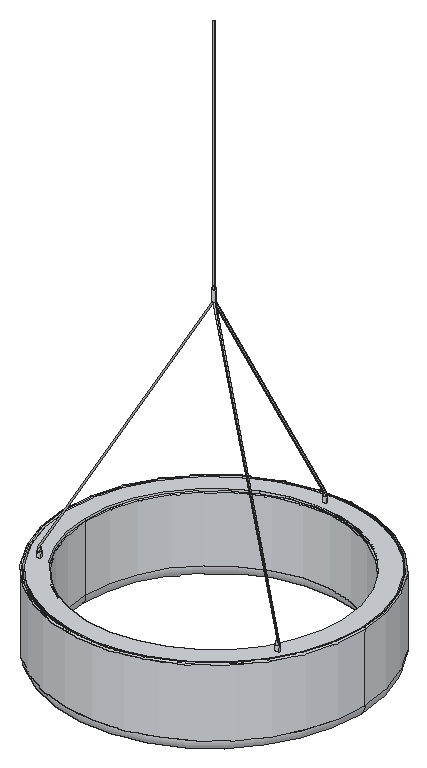
Revit family "BuzziTube Collection Revit", category Furniture, host Ceiling, Revit 2019
Family settings
  Host = Ceiling
  OmniClass Number = 23.80.70.11
  OmniClass Title = Luminaries for Internal Lighting
  Always vertical = Yes
  Cut with Voids When Loaded = No
  Shared = No
  Room Calculation Point = No
Parameters (values of type "S- Split")
  Suspension Length [instance] = 5' - 0"
  Straight [instance] = no
  Shade [instance] = none
  Frame [instance] = none
  Fixture Type = BuzziTube : S
Types (10): name | Straight | Fixture Type
  (no name) | no | BuzziTube : S
  S- Straight | yes | BuzziTube : S
  M- Split | no | BuzziTube : M
  L | yes | BuzziTube : L
  XL | yes | BuzziTube : XL
  XXL | yes | BuzziTube : XXL
  3XL | yes | BuzziTube : XXXL
  4XL | yes | BuzziTube : XXXXL
  S- Split | no | BuzziTube : S
  M- Straight | yes | BuzziTube : M
Reference planes (in)
  plane 1 "Light Source Axis (F/B)": y = 0
  plane 2 "Ceiling": z = 96
  plane 3 "Light Source Axis (L/R)": x = 0
  plane 4 "Light Source Elevation": z = 36
Dimensions and locks (in)
  equal spacing: host sketch curve, plane 3 "Light Source Axis (L/R)", host sketch curve
  equal spacing: host sketch curve, plane 1 "Light Source Axis (F/B)", host sketch curve
  host sketch curve to host sketch curve = 10' - 0"  (x2)
  "Suspension Length": plane 2 "Ceiling" to plane 4 "Light Source Elevation"
  aligned and locked: plane 2 "Ceiling" to nested 1
Nested families (in)
  nested 1: "BuzziTube" at (0, 0, 36), Suspension Length <- "Suspension Length", Shade <- "Shade", Frame <- "Frame", type <- "Fixture Type", type "S"
    with Suspension Length 5' - 0", Shade none, Frame none, Straight no, Split yes
Definition of nested family "BuzziTube"
  Parameters (values of type "L")
    Suspension Length [instance] = 7' - 6"
    Support 2 Location = (Frame Radius - 0' 1") / 2  # 0' - 11 19/128"
    Support 2 Lateral Location = 1' - 7 1/4"
    Support 1 Location = Frame Radius - 0' 1"  # 1' - 10 19/64"
    Straight = no
    Split Height = 2' - 1.62992"
    Split = not(Straight)  # yes
    Shade Height = 1' - 3 3/4"
    Shade [instance] = none
    Inside Frame Radius = Frame Radius - 0' 2"  # 1' - 9 19/64"
    Frame Radius = Shade Radius - 0' 0 39/128"  # 1' - 11 19/64"
    Frame [instance] = none
    Shade Radius = 1' - 11 77/128"
  Types (7): name | Support 2 Location | Support 2 Lateral Location | Support 1 Location | Straight | Split | Shade Height | Inside Frame Radius | Frame Radius | Shade Radius
    S | 0' - 7.2224" | 1' - 0.39785" | 1' - 2.44481" | yes | no | 0' - 8 55/64" | 1' - 1.44481" | 1' - 3.44481" | 1' - 3.74949"
    M | 0' - 7.2224" | 1' - 0 1/2" | 1' - 2.44481" | no | yes | 1' - 5 23/32" | 1' - 1.44481" | 1' - 3.44481" | 1' - 3.74949"
    L | 0' - 11 19/128" | 1' - 7 1/4" | 1' - 10 19/64" | no | yes | 1' - 3 3/4" | 1' - 9 19/64" | 1' - 11 19/64" | 1' - 11 77/128"
    XL | 0' - 11.14885" | 1' - 7 1/4" | 1' - 10.2977" | no | yes | 1' - 8 43/64" | 1' - 9.2977" | 1' - 11.2977" | 1' - 11.60239"
    XXL | 1' - 2.11133" | 2' - 0.40877" | 2' - 4 57/256" | no | yes | 1' - 11 159/256" | 2' - 3 57/256" | 2' - 5 57/256" | 2' - 5 135/256"
    XXXL | 1' - 5.06445" | 2' - 5 3/4" | 2' - 10 33/256" | no | yes | 1' - 8 43/64" | 2' - 9 33/256" | 2' - 11 33/256" | 2' - 11 111/256"
    XXXXL | 1' - 11.95034" | 3' - 5 1/2" | 3' - 11.90069" | no | yes | 2' - 0 77/128" | 3' - 10.90069" | 4' - 0.90069" | 4' - 1.20538"
  Reference planes (in)
    plane 1 "Center (Front/Back)": y = 0
    plane 2: z = 0
    plane 3 "Center (Left/Right)": x = 0
    plane 4: x = -23.60156
    plane 5: x = -23.29637
    plane 6: x = -21.22802
    plane 7: z = 15.75
    plane 8: z = 15.55159
    plane 9: y = -11.14844
    plane 10: y = 22.29687
    plane 11: x = -19.25
    plane 12: x = 19.25
    plane 13: z = 15.18387
    plane 14: z = 16.22718
    plane 15 "Top of Post": z = 16.58151
    plane 16: z = 40.81379
    plane 17: z = 41.8571
    plane 18: z = 42.21143
    plane 19 "Split 2": through (0, 0, 48) normal (0.5003, 0.8659, 0)
    plane 20: through (16.54928, -15.91016, 17.71875) normal (-0.8659, 0.5003, 0)
    plane 21: through (-2.75668, -4.75532, 42.73567) normal (0.8659, -0.5003, 0)
    plane 22 "Split 3": through (0, 0, 48) normal (0.5003, -0.8659, 0)
    plane 23: through (2.40401, -4.14495, 47.1333) normal (0.8659, 0.5003, 0)
    plane 24: through (-16.90195, -15.29979, 47.1333) normal (0.8659, 0.5003, 0)
    plane 25: z = 90
  Forms (in)
    Revolve 1, solid, material <- "Shade"
      sketch origin (0, 0, 0) x (1, 0, 0) y (0, 0, 1)
        loop
          arc (-23.60156, 1.68645) -> (-22.41479, 0.49968) -> (-21.22802, 1.68645) r 1.18677
          line (-21.22802, 1.68645) -> (-21.22802, 15.43314)
          arc (-21.22802, 15.43314) -> (-21.26271, 15.5169) -> (-21.34647, 15.55159) r 0.11845
          line (-21.34647, 15.55159) -> (-23.29637, 15.55159) -> (-23.29637, 15.62996)
          arc (-23.29637, 15.62996) -> (-23.33153, 15.71484) -> (-23.41641, 15.75) r 0.12004
          line (-23.41641, 15.75) -> (-23.47885, 15.75)
          arc (-23.47885, 15.75) -> (-23.56562, 15.71406) -> (-23.60156, 15.62729) r 0.12271
          line (-23.60156, 15.62729) -> (-23.60156, 1.68645)
        axis (0, 15.75) -> (0, 1.68645)
      angle from 0 to 360
    Extrusion 2, solid, material <- "Frame"
      sketch origin (0, 0, 0) x (1, 0, 0) y (0, 1, 0)
        loop
          circle (0, 0) r 23.29687
        loop
          circle (0, 0) r 21.29688
      from 15.55159 to 15.75
    Extrusion 3, solid, material <- "Frame"
      sketch origin (0, 0, 0) x (1, 0, 0) y (0, 1, 0)
        loop
          circle (0, 22.29687) r 0.19571
      from 15.18387 to 16.22718
    Extrusion 4, solid, material <- "Frame"
      sketch origin (0, 0, 0) x (1, 0, 0) y (0, 1, 0)
        loop
          circle (0, 22.29687) r 0.10233
      from 16.22718 to 16.58151
    Extrusion 5, solid, material <- "Frame"
      sketch origin (-17.41762, -32.75778, 0) x (1, 0, 0) y (0, 1, 0)
        loop
          circle (-1.83238, 21.60934) r 0.19571
      from 15.18387 to 16.22718
    Extrusion 6, solid, material <- "Frame"
      sketch origin (-17.41762, -32.75778, 0) x (1, 0, 0) y (0, 1, 0)
        loop
          circle (-1.83238, 21.60934) r 0.10233
      from 16.22718 to 16.58151
    Extrusion 7, solid, material <- "Frame"
      sketch origin (17.41762, -32.75778, 0) x (-1, 0, 0) y (0, -1, 0)
        loop
          circle (-1.83238, -21.60884) r 0.19571
      from 15.18387 to 16.22718
    Extrusion 8, solid, material <- "Frame"
      sketch origin (17.41762, -32.75778, 0) x (-1, 0, 0) y (0, -1, 0)
        loop
          circle (-1.83238, -21.60884) r 0.10233
      from 16.22718 to 16.58151
    Extrusion 9, solid, material <- "Frame", visible <- "Split"
      sketch origin (0, -22.30529, 21) x (1, 0, 0) y (0, 1, 0)
        loop
          circle (0, 22.30731) r 0.19571
      from 19.81379 to 20.8571
    Extrusion 10, solid, material <- "Frame", visible <- "Split"
      sketch origin (0, -22.30529, 21) x (1, 0, 0) y (0, 1, 0)
        loop
          circle (0, 22.30731) r 0.10233
      from 20.8571 to 21.21143
    Sweep 11, solid, visible <- "Split"
      path origin (0, 0, 0) x (0, 1, 0) y (0, 0, 1)
        loop
          line (22.29687, 16.58151) -> (0, 40.81379)
      profile origin (0, 11.14844, 28.69765) x (0, -0.735883, -0.677109) y (1, 0, 0)
        loop
          circle (0, 0) r 0.0625
    Sweep 12, solid, visible <- "Split"
      path origin (0, 0, 0) x (-0.86586, 0.500287, 0) y (0, 0, 1)
        loop
          line (0.00787, 40.81379) -> (-22.289, 16.58151)
      profile origin (9.64616, -5.57348, 28.69765) x (-0.637171, 0.368153, -0.677109) y (0.500287, 0.86586, 0)
        loop
          circle (0, 0) r 0.0625
    Sweep 13, solid, material <- "Frame", visible <- "Split"
      path origin (0, 0, 0) x (0.86586, 0.500287, 0) y (0, 0, 1)
        loop
          line (-22.289, 16.58229) -> (0.01414, 40.81379)
      profile origin (-9.64345, -5.57191, 28.69804) x (0.63708, 0.3681, -0.677224) y (-0.500287, 0.86586, 0)
        loop
          circle (0, 0) r 0.0625
    Extrusion 14, solid, material <- "Frame", visible <- "Split"
      sketch origin (0, -22.30529, 21) x (1, 0, 0) y (0, 1, 0)
        loop
          circle (0, 22.30731) r 0.0625
      from 21.21143 to 69
    Extrusion 15, solid, material <- "Frame", visible <- "Straight"
      sketch origin (31.82643, -40.68029, 21) x (1, 0, 0) y (0, 1, 0)
        loop
          circle (-12.57643, 29.53185) r 0.0625
      from -4.41849 to 69
    Extrusion 16, solid, material <- "Frame", visible <- "Straight"
      sketch origin (-31.82643, -40.68029, 21) x (-1, 0, 0) y (0, -1, 0)
        loop
          circle (-12.57643, -29.53185) r 0.0625
      from -4.41849 to 69
    Extrusion 17, solid, material <- "Frame", visible <- "Straight"
      sketch origin (-1.67013, 10.52973, 21) x (-1, 0, 0) y (0, -1, 0)
        loop
          circle (-1.67013, -11.76714) r 0.0625
      from -4.41849 to 69
  Dimensions and locks (in)
    locked: plane 5 to plane 4 at 0.30519
    locked: plane 6 to plane 5 at 2.06835
    "Shade Radius": plane 3 "Center (Left/Right)" to plane 4
    locked: plane 7 to plane 8 at 0.19841
    "Shade Height": plane 7 to level
    "Support 1 Location": plane 10 to plane 1 "Center (Front/Back)"
    "Support 2 Location": plane 9 to plane 1 "Center (Front/Back)"
    "Support 2 Lateral Location": plane 11 to plane 3 "Center (Left/Right)"
    "Support 2 Lateral Location": plane 12 to plane 3 "Center (Left/Right)"
    locked: plane 7 to plane 13 at 0.56613
    locked: plane 14 to plane 7 at 0.47718
    locked: plane 15 "Top of Post" to plane 14 at 0.35433
    locked: plane 18 to plane 17 at 0.35433
    locked: plane 17 to plane 16 at 1.04331
    "Support 1 Location": plane 21 to plane 20
    "Support 1 Location": plane 24 to plane 23
    "Split Height": plane 18 to plane 15 "Top of Post"
    "Suspension Length": plane 25 to level
    "Inside Frame Radius": radius of Extrusion 2 sketch curve
    "Frame Radius": radius of Extrusion 2 sketch curve
    aligned and locked: plane 2 to level
    aligned and locked: plane 4 to Revolve 1 sketch curve
    aligned and locked: Revolve 1 sketch curve to plane 6
    aligned and locked: plane 5 to Revolve 1 sketch curve
    aligned and locked: plane 7 to Revolve 1 sketch curve
    aligned and locked: plane 8 to Revolve 1 sketch curve
    aligned and locked: Extrusion 2 to plane 7
    aligned and locked: plane 8 to Extrusion 2
    aligned and locked: Extrusion 3 to plane 13
    aligned and locked: plane 14 to Extrusion 3
    aligned and locked: Extrusion 4 to plane 14
    aligned and locked: plane 15 "Top of Post" to Extrusion 4
    aligned and locked: plane 15 "Top of Post" to Extrusion 6
    aligned and locked: Extrusion 6 to plane 14
    aligned and locked: plane 14 to Extrusion 5
    aligned and locked: Extrusion 5 to plane 13
    aligned and locked: Extrusion 8 to plane 14
    aligned and locked: plane 15 "Top of Post" to Extrusion 8
    aligned and locked: plane 14 to Extrusion 7
    aligned and locked: Extrusion 7 to plane 13
    aligned and locked: Extrusion 9 to plane 16
    aligned and locked: plane 17 to Extrusion 9
    aligned and locked: Extrusion 10 to plane 17
    aligned and locked: plane 18 to Extrusion 10
    aligned and locked: plane 10 to Sweep 11 sketch curve
    aligned and locked: plane 15 "Top of Post" to Sweep 11 sketch curve
    aligned and locked: plane 16 to Sweep 11 sketch curve
    aligned and locked: plane 1 "Center (Front/Back)" to Sweep 11 sketch curve
    aligned and locked: plane 15 "Top of Post" to Sweep 12 sketch curve
    aligned and locked: plane 20 to Sweep 12 sketch curve
    aligned and locked: plane 16 to Sweep 12 sketch curve
    aligned and locked: plane 21 to Sweep 12 sketch curve
    aligned and locked: plane 24 to Sweep 13 sketch curve
    aligned and locked: Extrusion 14 to plane 18
    aligned and locked: plane 25 to Extrusion 14
    aligned and locked: plane 25 to Extrusion 15
    aligned and locked: Extrusion 15 to plane 15 "Top of Post"
    aligned and locked: plane 25 to Extrusion 16
    aligned and locked: Extrusion 16 to plane 15 "Top of Post"
    aligned and locked: plane 25 to Extrusion 17
    aligned and locked: Extrusion 17 to plane 15 "Top of Post"
    aligned and locked: plane 10 to Extrusion 17 sketch curve
    aligned and locked: plane 3 "Center (Left/Right)" to Extrusion 17 sketch curve
  Automatic sketch dimensions
    Revolve 1 sketch curve to plane 3 "Center (Left/Right)" = 0' - 0"
    Revolve 1 sketch curve to plane 8 = 0' - 0.07569"
    Revolve 1 sketch curve to Revolve 1 sketch curve = 0' - 0.06244"
    Revolve 1 sketch curve to plane 6 = 0' - 0.11845"
    level to Revolve 1 sketch curve = 0' - 1.68645"
    Revolve 1 sketch curve to level = 2' - 0"
    plane 25 to Revolve 1 sketch curve = 1' - 1.90489"
    Extrusion 3 sketch curve to plane 3 "Center (Left/Right)" = 0' - 0"
    Extrusion 3 sketch curve to plane 10 = 0' - 0"
    Extrusion 4 sketch curve to plane 3 "Center (Left/Right)" = 0' - 0"
    Extrusion 4 sketch curve to plane 10 = 0' - 0"
    Extrusion 5 sketch curve to plane 9 = 0' - 0"
    Extrusion 5 sketch curve to plane 11 = 0' - 0"
    Extrusion 6 sketch curve to plane 9 = 0' - 0"
    Extrusion 6 sketch curve to plane 11 = 0' - 0"
    Extrusion 7 sketch curve to plane 12 = 0' - 0"
    plane 9 to Extrusion 7 sketch curve = 0' - 0.00051"
    Extrusion 8 sketch curve to plane 12 = 0' - 0"
    plane 9 to Extrusion 8 sketch curve = 0' - 0.00051"
    Extrusion 9 sketch curve to plane 3 "Center (Left/Right)" = 0' - 0"
    Extrusion 9 sketch curve to plane 1 "Center (Front/Back)" = 0' - 0.00202"
    Extrusion 10 sketch curve to plane 3 "Center (Left/Right)" = 0' - 0"
    Extrusion 10 sketch curve to plane 1 "Center (Front/Back)" = 0' - 0.00202"
    Sweep 11 sketch curve to plane 3 "Center (Left/Right)" = 0' - 0"
    Sweep 11 sketch curve to profile plane = 0' - 0"
    plane 19 "Split 2" to Sweep 12 sketch curve = 0' - 0"
    Sweep 12 sketch curve to profile plane = 0' - 0"
    plane 16 to Sweep 13 sketch curve = 0' - 0"
    Sweep 13 sketch curve to plane 23 = 0' - 0.00626"
    Sweep 13 sketch curve to plane 15 "Top of Post" = 0' - 0.00079"
    Sweep 13 sketch curve to plane 22 "Split 3" = 0' - 0"
    profile plane to Sweep 13 sketch curve = 0' - 0"
    Extrusion 14 sketch curve to plane 3 "Center (Left/Right)" = 0' - 0"
    Extrusion 14 sketch curve to plane 1 "Center (Front/Back)" = 0' - 0.00202"
    Extrusion 15 sketch curve to plane 9 = 0' - 0"
    Extrusion 15 sketch curve to plane 12 = 0' - 0"
    Extrusion 16 sketch curve to plane 9 = 0' - 0"
    Extrusion 16 sketch curve to plane 11 = 0' - 0"
    Extrusion 2 sketch curve to Extrusion 2 sketch curve = 0' - 0"  (x2)
    plane 1 "Center (Front/Back)" to Extrusion 2 sketch curve = 0' - 0"
    Extrusion 2 sketch curve to plane 3 "Center (Left/Right)" = 0' - 0"
    radius of Extrusion 3 sketch curve = 0' - 0.19571"
    radius of Extrusion 4 sketch curve = 0' - 0.10233"
    radius of Extrusion 5 sketch curve = 0' - 0.19571"
    radius of Extrusion 6 sketch curve = 0' - 0.10233"
    radius of Extrusion 7 sketch curve = 0' - 0.19571"
    radius of Extrusion 8 sketch curve = 0' - 0.10233"
    radius of Extrusion 9 sketch curve = 0' - 0.19571"
    radius of Extrusion 10 sketch curve = 0' - 0.10233"
    radius of Sweep 11 sketch curve = 0' - 0 1/16"
    radius of Sweep 12 sketch curve = 0' - 0 1/16"
    radius of Sweep 13 sketch curve = 0' - 0 1/16"
    radius of Extrusion 14 sketch curve = 0' - 0 1/16"
    radius of Extrusion 15 sketch curve = 0' - 0 1/16"
    radius of Extrusion 16 sketch curve = 0' - 0 1/16"
    radius of Extrusion 17 sketch curve = 0' - 0 1/16"
